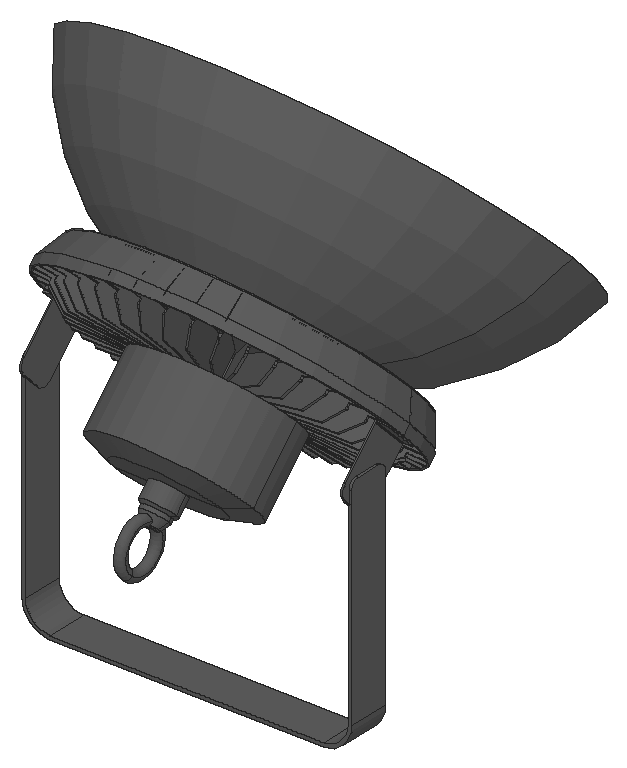
Revit family "0039348+0039354+0039357 Feilo Sylvania Lighting Fixture START HIGHBAY 4K 19KLM WIDE with BRACKET and ALU SHADE BLACK COLOR", category Lighting Fixtures, host Face, Revit 2017 (continued)
Definition of nested family "Start LED Highbay Head"
  Dimensions and locks
    "RHHeight3_FEILO": plane 31 to plane 33
    "RHHeight4_FEILO": plane 33 to plane 34
    "RHRadius3_FEILO": plane 3 "Center (Left/Right)" to plane 35
    "RHHeight1_FEILO": plane 28 to plane 30
    "EyeInner_FEILO": plane 34 to plane 36
    "EyeInner_FEILO": plane 36 to plane 37
    equal spacing: plane 38, plane 3 "Center (Left/Right)", plane 39
    "EyeThickness_FEILO": plane 38 to plane 39
    "EyeThickness_FEILO": plane 37 to plane 40
    equal spacing: plane 37, plane 41, plane 40
    equal spacing: plane 6, plane 42, plane 18
    "ThicknessBracket_FEILO": plane 45 to plane 6
    "ThicknessBracket_FEILO": plane 8 to plane 44
    locked: plane 43 to plane 18 at 1
    equal spacing: plane 24, plane 46, plane 26
    equal spacing: plane 47, plane 1 "Center (Front/Back)", plane 48
    "WidthBracket_FEILO": plane 47 to plane 48
    "WidthRingChamfer_FEILO": plane 50 to plane 49
    "ThicknessWall_FEILO": plane 51 to plane 49
    equal spacing: plane 50, plane 52, plane 51
    "ThicknessBracket_FEILO": plane 54 to plane 50
    locked: plane 53 to plane 51 at 1
    "Radius_FEILO": plane 49 to plane 3 "Center (Left/Right)"
    "ShadeRadiusOut_FEILO": plane 3 "Center (Left/Right)" to plane 55
    "ShadeHeight_FEILO": plane 56 to plane 4
    "ShadeRadiusIn_FEILO": plane 3 "Center (Left/Right)" to plane 57
    locked: plane 58 to plane 57 at 8
    "ShadeThickness_FEILO": plane 60 to plane 4
    "ShadeThickness_FEILO": plane 59 to plane 55
    "EyeThicknessHalf_FEILO": radius of curve 8
    "ThicknessBracket_FEILO": radius of Extrusion 7 sketch curve  (x2)
    "ThicknessBracketHalf_FEILO": radius of Extrusion 7 sketch curve  (x2)
    "ShadeRadiusBend_FEILO": radius of curve 9
    aligned and locked: plane 2 to Extrusion 1
    aligned and locked: level to Extrusion 1
    aligned and locked: plane 5 to curve 1
    aligned and locked: plane 6 to curve 1
    aligned and locked: plane 7 to curve 1
    aligned and locked: plane 10 to curve 2
    aligned and locked: plane 9 to curve 3
    aligned and locked: plane 4 to curve 3
    aligned and locked: plane 11 to curve 3
    aligned and locked: plane 4 to curve 4
    aligned and locked: plane 18 to curve 5
    aligned and locked: plane 10 to curve 5
    aligned and locked: Revolve 2 sketch curve to plane 3 "Center (Left/Right)"
    aligned and locked: Revolve 2 sketch curve to curve 3
    aligned and locked: Revolve 2 sketch curve to curve 1
    aligned and locked: plane 4 to Revolve 2 sketch curve
    aligned and locked: plane 9 to Revolve 2 sketch curve
    aligned and locked: Revolve 2 sketch curve to plane 13
    aligned and locked: Revolve 2 sketch curve to plane 10
    aligned and locked: plane 13 to Revolve 2 sketch curve
    aligned and locked: plane 10 to Revolve 2 sketch curve
    aligned and locked: Revolve 2 sketch curve to plane 18
    aligned and locked: Revolve 2 sketch curve to plane 8
    aligned and locked: plane 5 to Revolve 2 sketch curve  (x2)
    aligned and locked: Revolve 3 sketch curve to plane 3 "Center (Left/Right)"
    aligned and locked: plane 11 to Revolve 3 sketch curve
    aligned and locked: Revolve 3 sketch curve to curve 2
    aligned and locked: plane 15 to Revolve 3 sketch curve
    aligned and locked: Revolve 3 sketch curve to plane 16
    aligned and locked: plane 17 to Revolve 3 sketch curve  (x2)
    aligned and locked: Revolve 3 sketch curve to plane 12
    aligned and locked: plane 7 to Revolve 3 sketch curve
    aligned and locked: Revolve 4 sketch curve to plane 3 "Center (Left/Right)"
    aligned and locked: Revolve 4 sketch curve to plane 14
    aligned and locked: plane 3 "Center (Left/Right)" to Revolve 4 sketch curve
    aligned and locked: Revolve 4 sketch curve to plane 12
    aligned and locked: plane 15 to Revolve 4 sketch curve
    aligned and locked: Revolve 2 sketch curve to curve 5
    aligned and locked: plane 22 to curve 6
    aligned and locked: plane 21 to curve 6
    aligned and locked: plane 20 to curve 6
    aligned and locked: plane 19 to curve 6
    aligned and locked: plane 33 to curve 7
    aligned and locked: plane 32 to curve 7
    aligned and locked: plane 35 to curve 7
    aligned and locked: plane 34 to curve 7
    aligned and locked: Revolve 5 sketch curve to plane 3 "Center (Left/Right)"
    aligned and locked: Revolve 5 sketch curve to plane 25
    aligned and locked: plane 27 to Revolve 5 sketch curve
    aligned and locked: plane 28 to Revolve 5 sketch curve
    aligned and locked: plane 30 to Revolve 5 sketch curve
    aligned and locked: Revolve 5 sketch curve to plane 29
    aligned and locked: plane 31 to Revolve 5 sketch curve
    aligned and locked: Revolve 5 sketch curve to curve 7
    aligned and locked: Revolve 5 sketch curve to plane 32
    aligned and locked: plane 34 to Revolve 5 sketch curve
    aligned and locked: plane 3 "Center (Left/Right)" to Revolve 5 sketch curve
    aligned and locked: plane 3 "Center (Left/Right)" to curve 8
    aligned and locked: plane 41 to curve 8
    aligned and locked: Revolve 6 sketch curve to plane 36
    aligned and locked: Revolve 6 sketch curve to curve 8
    aligned and locked: plane 43 to Extrusion 7 sketch curve  (x2)
    aligned and locked: plane 8 to Extrusion 7 sketch curve  (x3)
    aligned and locked: Extrusion 7 sketch curve to plane 45
    aligned and locked: Extrusion 7 sketch curve to plane 46  (x2)
    aligned and locked: plane 6 to Extrusion 7 sketch curve
    aligned and locked: Extrusion 7 sketch curve to plane 44  (x2)
    aligned and locked: Extrusion 7 to plane 48
    aligned and locked: plane 47 to Extrusion 7
    aligned and locked: plane 53 to Extrusion 7 sketch curve
    aligned and locked: plane 50 to Extrusion 7 sketch curve
    aligned and locked: Extrusion 7 sketch curve to plane 54
    aligned and locked: Extrusion 8 sketch curve to Extrusion 8 sketch curve
    aligned and locked: Extrusion 8 to plane 6
    aligned and locked: Extrusion 8 to Extrusion 7
    aligned and locked: Revolve 5 sketch curve to plane 22
    aligned and locked: plane 23 to nested 1
    aligned and locked: plane 1 "Center (Front/Back)" to nested 1
    aligned and locked: Revolve 9 sketch curve to plane 3 "Center (Left/Right)"
    aligned and locked: Revolve 9 sketch curve to plane 4
    aligned and locked: plane 6 to Revolve 9 sketch curve
    aligned and locked: plane 4 to Revolve 9 sketch curve
    aligned and locked: plane 7 to Revolve 9 sketch curve
    aligned and locked: Revolve 9 sketch curve to plane 5
    aligned and locked: plane 8 to Revolve 9 sketch curve  (x2)
    aligned and locked: Revolve 9 sketch curve to plane 19
    aligned and locked: plane 20 to Revolve 9 sketch curve
    aligned and locked: plane 19 to Revolve 9 sketch curve
    aligned and locked: plane 21 to Revolve 9 sketch curve
    aligned and locked: plane 22 to Revolve 9 sketch curve  (x2)
    aligned and locked: Revolve 9 sketch curve to Revolve 9 sketch curve
    aligned and locked: imposter light to plane 4
    aligned and locked: plane 3 "Center (Left/Right)" to imposter light
    aligned and locked: imposter light to plane 1 "Center (Front/Back)"
    aligned and locked: plane 55 to curve 9
    aligned and locked: plane 56 to curve 9
    aligned and locked: plane 57 to curve 9
    aligned and locked: plane 4 to curve 9
    aligned and locked: Revolve 10 sketch curve to curve 9
    aligned and locked: plane 58 to Revolve 10 sketch curve
    aligned and locked: plane 57 to Revolve 10 sketch curve
    aligned and locked: plane 56 to Revolve 10 sketch curve  (x2)
    aligned and locked: Revolve 10 sketch curve to plane 58
    aligned and locked: plane 60 to Revolve 10 sketch curve
  Automatic sketch dimensions
    Extrusion 1 sketch curve to Extrusion 1 sketch curve = 2438.4 mm  (x2)
    Revolve 2 sketch curve to plane 6 = 0.299 mm
    plane 6 to Revolve 2 sketch curve = 0.459 mm
    Revolve 2 sketch curve to level = 609.6 mm
    Revolve 2 sketch curve to Revolve 2 sketch curve = 2312.223 mm
    Revolve 3 sketch curve to plane 12 = 0 mm
    Revolve 3 sketch curve to plane 3 "Center (Left/Right)" = 0 mm
    Revolve 3 sketch curve to level = 609.6 mm
    Revolve 3 sketch curve to plane 4 = 2339.058 mm
    Revolve 4 sketch curve to level = 609.6 mm
    Revolve 4 sketch curve to plane 4 = 2339.058 mm
    Revolve 6 sketch curve to plane 5 = 1080 mm
    plane 38 to Revolve 6 sketch curve = 1219.2 mm
    Extrusion 8 sketch curve to plane 47 = 0 mm
    plane 46 to Extrusion 8 sketch curve = 0 mm  (x2)
    Extrusion 8 sketch curve to plane 48 = 0 mm
    plane 47 to Extrusion 8 sketch curve = 5 mm
    plane 1 "Center (Front/Back)" to Extrusion 8 sketch curve = 10 mm
    Extrusion 8 sketch curve to Extrusion 8 sketch curve = 10 mm
    plane 46 to Extrusion 8 sketch curve = 5 mm
    Extrusion 8 sketch curve to Extrusion 8 sketch curve = 5 mm
    Extrusion 8 sketch curve to plane 48 = 5 mm
    Revolve 5 sketch curve to plane 26 = 0 mm
    Revolve 5 sketch curve to plane 35 = 0.437 mm
    plane 35 to Revolve 5 sketch curve = 0.847 mm
    Revolve 5 sketch curve to plane 34 = 0.726 mm
    plane 40 to Revolve 5 sketch curve = 590.2 mm
    Revolve 5 sketch curve to plane 4 = 2339.058 mm
    Revolve 9 sketch curve to level = 609.6 mm
    Revolve 9 sketch curve to Revolve 9 sketch curve = 2386.058 mm
    curve 2 to plane 3 "Center (Left/Right)" = 0 mm
    Revolve 10 sketch curve to Revolve 10 sketch curve = 0 mm  (x2)
    Revolve 10 sketch curve to plane 3 "Center (Left/Right)" = 0 mm
    plane 57 to Revolve 10 sketch curve = 0.659 mm
    Revolve 10 sketch curve to level = 609.6 mm
    Revolve 10 sketch curve to Revolve 10 sketch curve = 2068.248 mm
  Nested families
    nested 1: "Start Highbay Rib" at (0, 0, 67.775), type "Type Name", detail levels medium+fine
      with SuspensionHeight_FEILO 2.6 mm
    nested 2: "Start Highbay Rib" at (0, 0, 67.775) x (0.9877, 0.1564, 0) z (0, 0, 1), type "Type Name", detail levels medium+fine
      with SuspensionHeight_FEILO 2.6 mm
    nested 3: "Start Highbay Rib" at (0, 0, 67.775) x (0.9511, 0.309, 0) z (0, 0, 1), type "Type Name", detail levels medium+fine
      with SuspensionHeight_FEILO 2.6 mm
    nested 4: "Start Highbay Rib" at (0, 0, 67.775) x (0.891, 0.454, 0) z (0, 0, 1), type "Type Name", detail levels medium+fine
      with SuspensionHeight_FEILO 2.6 mm
    nested 5: "Start Highbay Rib" at (0, 0, 67.775) x (0.809, 0.5878, 0) z (0, 0, 1), type "Type Name", detail levels medium+fine
      with SuspensionHeight_FEILO 2.6 mm
    nested 6: "Start Highbay Rib" at (0, 0, 67.775) x (0.7071, 0.7071, 0) z (0, 0, 1), type "Type Name", detail levels medium+fine
      with SuspensionHeight_FEILO 2.6 mm
    nested 7: "Start Highbay Rib" at (0, 0, 67.775) x (0.5878, 0.809, 0) z (0, 0, 1), type "Type Name", detail levels medium+fine
      with SuspensionHeight_FEILO 2.6 mm
    nested 8: "Start Highbay Rib" at (0, 0, 67.775) x (0.454, 0.891, 0) z (0, 0, 1), type "Type Name", detail levels medium+fine
      with SuspensionHeight_FEILO 2.6 mm
    nested 9: "Start Highbay Rib" at (0, 0, 67.775) x (0.309, 0.9511, 0) z (0, 0, 1), type "Type Name", detail levels medium+fine
      with SuspensionHeight_FEILO 2.6 mm
    nested 10: "Start Highbay Rib" at (0, 0, 67.775) x (0.1564, 0.9877, 0) z (0, 0, 1), type "Type Name", detail levels medium+fine
      with SuspensionHeight_FEILO 2.6 mm
    nested 11: "Start Highbay Rib" at (0, 0, 67.775) x (0, 1, 0) z (0, 0, 1), type "Type Name", detail levels medium+fine
      with SuspensionHeight_FEILO 2.6 mm
    nested 12: "Start Highbay Rib" at (0, 0, 67.775) x (-0.1564, 0.9877, 0) z (0, 0, 1), type "Type Name", detail levels medium+fine
      with SuspensionHeight_FEILO 2.6 mm
    nested 13: "Start Highbay Rib" at (0, 0, 67.775) x (-0.309, 0.9511, 0) z (0, 0, 1), type "Type Name", detail levels medium+fine
      with SuspensionHeight_FEILO 2.6 mm
    nested 14: "Start Highbay Rib" at (0, 0, 67.775) x (-0.454, 0.891, 0) z (0, 0, 1), type "Type Name", detail levels medium+fine
      with SuspensionHeight_FEILO 2.6 mm
    nested 15: "Start Highbay Rib" at (0, 0, 67.775) x (-0.5878, 0.809, 0) z (0, 0, 1), type "Type Name", detail levels medium+fine
      with SuspensionHeight_FEILO 2.6 mm
    nested 16: "Start Highbay Rib" at (0, 0, 67.775) x (-0.7071, 0.7071, 0) z (0, 0, 1), type "Type Name", detail levels medium+fine
      with SuspensionHeight_FEILO 2.6 mm
    nested 17: "Start Highbay Rib" at (0, 0, 67.775) x (-0.809, 0.5878, 0) z (0, 0, 1), type "Type Name", detail levels medium+fine
      with SuspensionHeight_FEILO 2.6 mm
    nested 18: "Start Highbay Rib" at (0, 0, 67.775) x (-0.891, 0.454, 0) z (0, 0, 1), type "Type Name", detail levels medium+fine
      with SuspensionHeight_FEILO 2.6 mm
    nested 19: "Start Highbay Rib" at (0, 0, 67.775) x (-0.9511, 0.309, 0) z (0, 0, 1), type "Type Name", detail levels medium+fine
      with SuspensionHeight_FEILO 2.6 mm
    nested 20: "Start Highbay Rib" at (0, 0, 67.775) x (-0.9877, 0.1564, 0) z (0, 0, 1), type "Type Name", detail levels medium+fine
      with SuspensionHeight_FEILO 2.6 mm
    nested 21: "Start Highbay Rib" at (0, 0, 67.775) x (-1, 0, 0) z (0, 0, 1), type "Type Name", detail levels medium+fine
      with SuspensionHeight_FEILO 2.6 mm
    nested 22: "Start Highbay Rib" at (0, 0, 67.775) x (-0.9877, -0.1564, 0) z (0, 0, 1), type "Type Name", detail levels medium+fine
      with SuspensionHeight_FEILO 2.6 mm
    nested 23: "Start Highbay Rib" at (0, 0, 67.775) x (-0.9511, -0.309, 0) z (0, 0, 1), type "Type Name", detail levels medium+fine
      with SuspensionHeight_FEILO 2.6 mm
    nested 24: "Start Highbay Rib" at (0, 0, 67.775) x (-0.891, -0.454, 0) z (0, 0, 1), type "Type Name", detail levels medium+fine
      with SuspensionHeight_FEILO 2.6 mm
    nested 25: "Start Highbay Rib" at (0, 0, 67.775) x (-0.809, -0.5878, 0) z (0, 0, 1), type "Type Name", detail levels medium+fine
      with SuspensionHeight_FEILO 2.6 mm
    nested 26: "Start Highbay Rib" at (0, 0, 67.775) x (-0.7071, -0.7071, 0) z (0, 0, 1), type "Type Name", detail levels medium+fine
      with SuspensionHeight_FEILO 2.6 mm
    nested 27: "Start Highbay Rib" at (0, 0, 67.775) x (-0.5878, -0.809, 0) z (0, 0, 1), type "Type Name", detail levels medium+fine
      with SuspensionHeight_FEILO 2.6 mm
    nested 28: "Start Highbay Rib" at (0, 0, 67.775) x (-0.454, -0.891, 0) z (0, 0, 1), type "Type Name", detail levels medium+fine
      with SuspensionHeight_FEILO 2.6 mm
    nested 29: "Start Highbay Rib" at (0, 0, 67.775) x (-0.309, -0.9511, 0) z (0, 0, 1), type "Type Name", detail levels medium+fine
      with SuspensionHeight_FEILO 2.6 mm
    nested 30: "Start Highbay Rib" at (0, 0, 67.775) x (-0.1564, -0.9877, 0) z (0, 0, 1), type "Type Name", detail levels medium+fine
      with SuspensionHeight_FEILO 2.6 mm
    nested 31: "Start Highbay Rib" at (0, 0, 67.775) x (0, -1, 0) z (0, 0, 1), type "Type Name", detail levels medium+fine
      with SuspensionHeight_FEILO 2.6 mm
    nested 32: "Start Highbay Rib" at (0, 0, 67.775) x (0.1564, -0.9877, 0) z (0, 0, 1), type "Type Name", detail levels medium+fine
      with SuspensionHeight_FEILO 2.6 mm
    nested 33: "Start Highbay Rib" at (0, 0, 67.775) x (0.309, -0.9511, 0) z (0, 0, 1), type "Type Name", detail levels medium+fine
      with SuspensionHeight_FEILO 2.6 mm
    nested 34: "Start Highbay Rib" at (0, 0, 67.775) x (0.454, -0.891, 0) z (0, 0, 1), type "Type Name", detail levels medium+fine
      with SuspensionHeight_FEILO 2.6 mm
    nested 35: "Start Highbay Rib" at (0, 0, 67.775) x (0.5878, -0.809, 0) z (0, 0, 1), type "Type Name", detail levels medium+fine
      with SuspensionHeight_FEILO 2.6 mm
    nested 36: "Start Highbay Rib" at (0, 0, 67.775) x (0.7071, -0.7071, 0) z (0, 0, 1), type "Type Name", detail levels medium+fine
      with SuspensionHeight_FEILO 2.6 mm
    nested 37: "Start Highbay Rib" at (0, 0, 67.775) x (0.809, -0.5878, 0) z (0, 0, 1), type "Type Name", detail levels medium+fine
      with SuspensionHeight_FEILO 2.6 mm
    nested 38: "Start Highbay Rib" at (0, 0, 67.775) x (0.891, -0.454, 0) z (0, 0, 1), type "Type Name", detail levels medium+fine
      with SuspensionHeight_FEILO 2.6 mm
    nested 39: "Start Highbay Rib" at (0, 0, 67.775) x (0.9511, -0.309, 0) z (0, 0, 1), type "Type Name", detail levels medium+fine
      with SuspensionHeight_FEILO 2.6 mm
    nested 40: "Start Highbay Rib" at (0, 0, 67.775) x (0.9877, -0.1564, 0) z (0, 0, 1), type "Type Name", detail levels medium+fine
      with SuspensionHeight_FEILO 2.6 mm
  Definition of nested family "Start Highbay Rib"
    Parameters (values of type "Type Name")
      WidthStraight_FEILO = if(SizeS_FEILO, 3 mm, if(SizeM_FEILO, 4 mm, 4.7 mm))  # 3 mm
      WidthRingChamfer_FEILO = if(SizeS_FEILO, 10.3 mm, if(SizeM_FEILO, 11.2 mm, 12.9 mm))  # 10.3 mm
      WidthCurved_FEILO = if(SizeS_FEILO, 17.4 mm, if(SizeM_FEILO, 16.4 mm, 26.2 mm))  # 17.4 mm
      WidthCurvedRing_FEILO = if(SizeS_FEILO, 3 mm, if(SizeM_FEILO, 4 mm, 4.7 mm))  # 3 mm
      WidthBracket_FEILO = 40 mm
      URL = "http://www.feilosylvania.com"
      Type Image = (empty or 0)
      Type Comments = "n/a"
      ThicknessWall_FEILO = 1.5 mm
      ThicknessBracket_FEILO = 1.5 mm
      ThicknessBracketHalf_FEILO = ThicknessBracket_FEILO / 2  # 0.75 mm
      SuspensionHeight_FEILO [instance] = 2.6 mm
      SizeS_FEILO = yes
      SizeM_FEILO = no
      Rib4_FEILO = if(SizeS_FEILO, 18.1 mm, if(SizeM_FEILO, 13.6 mm, 14.6 mm))  # 18.1 mm
      Rib3_FEILO = if(SizeS_FEILO, 15.3 mm, if(SizeM_FEILO, 17.6 mm, 20.2 mm))  # 15.3 mm
      Rib2_FEILO = if(SizeS_FEILO, 3.6 mm, if(SizeM_FEILO, 3.9 mm, 4.5 mm))  # 3.6 mm
      Rib1_FEILO = if(SizeS_FEILO, 15.1 mm, if(SizeM_FEILO, 16.5 mm, 19 mm))  # 15.1 mm
      RadiusRib_FEILO = 2 mm
      RadiusDiffuser_FEILO = if(SizeS_FEILO, 95.2 mm, if(SizeM_FEILO, 105.3 mm, 120 mm))  # 95.2 mm
      RHRadius3_FEILO = if(SizeS_FEILO, 6.6 mm, if(SizeM_FEILO, 7.4 mm, 8.6 mm))  # 6.6 mm
      RHRadius2_FEILO = if(SizeS_FEILO, 11 mm, if(SizeM_FEILO, 12 mm, 14 mm))  # 11 mm
      RHRadius1_FEILO = if(SizeS_FEILO, 13.6 mm, if(SizeM_FEILO, 14.9 mm, 17.7 mm))  # 13.6 mm
      RHHeight4_FEILO = if(SizeS_FEILO, 7.3 mm, if(SizeM_FEILO, 8 mm, 9.2 mm))  # 7.3 mm
      RHHeight3_FEILO = if(SizeS_FEILO, 3.6 mm, if(SizeM_FEILO, 3.7 mm, 4.6 mm))  # 3.6 mm
      RHHeight2_FEILO = if(SizeS_FEILO, 2 mm, if(SizeM_FEILO, 2.2 mm, 2.6 mm))  # 2 mm
      RHHeight1_FEILO = if(SizeS_FEILO, 11.8 mm, if(SizeM_FEILO, 15.3 mm, 17.4 mm))  # 11.8 mm
      Material_3_FEILO = none
      Model = ""
      Manufacturer = "Feilo Sylvania"
      Keynote = "16500"
      HeightRing_FEILO = if(SizeS_FEILO, 19.8 mm, if(SizeM_FEILO, 32 mm, 36.8 mm))  # 19.8 mm
      HeightRingChamfer_FEILO = if(SizeS_FEILO, 11.7 mm, if(SizeM_FEILO, 23.2 mm, 26.6 mm))  # 11.7 mm
      EyeThickness_FEILO = if(SizeS_FEILO, 8.4 mm, if(SizeM_FEILO, 9.2 mm, 10.5 mm))  # 8.4 mm
      EyeThicknessHalf_FEILO = EyeThickness_FEILO / 2  # 4.2 mm
      EyeInner_FEILO = if(SizeS_FEILO, 13.8 mm, if(SizeM_FEILO, 15.1 mm, 17.3 mm))  # 13.8 mm
      DriverVerticalStraight_FEILO = if(SizeS_FEILO, 46.5 mm, if(SizeM_FEILO, 49.7 mm, 57 mm))  # 46.5 mm
      DriverVerticalChamfer_FEILO = if(SizeS_FEILO, 7.5 mm, if(SizeM_FEILO, 8.2 mm, 9.5 mm))  # 7.5 mm
      DriverRadius_FEILO = if(SizeS_FEILO, 61.4 mm, if(SizeM_FEILO, 67.2 mm, 76.4 mm))  # 61.4 mm
      DriverRadiusTop_FEILO = if(SizeS_FEILO, 42 mm, if(SizeM_FEILO, 45.3 mm, 52.4 mm))  # 42 mm
      DriverBottom_FEILO = if(SizeS_FEILO, 56 mm, if(SizeM_FEILO, 64.5 mm, 74 mm))  # 56 mm
      Material_2_FEILO = none
      Radius_FEILO = if(SizeS_FEILO, 135 mm, if(SizeM_FEILO, 148 mm, 169.5 mm))  # 135 mm
      Description = ""
      Default Elevation = 1219.2 mm
      Cost = 0
      Material_1_FEILO = none
      Assembly Code = "D5020200"
      Material_4_FEILO = none
    Reference planes
      plane 1 "Center (Front/Back)": y = 0
      plane 2: z = 0
      plane 3 "Center (Left/Right)": x = 0
      plane 4: z = 2.6
      plane 5: x = -135
      plane 6: x = -124.7
      plane 7: z = -9.1
      plane 8: z = -17.2
      plane 9: x = -121.7
      plane 10: z = -0.025
      plane 11: x = -104.3
      plane 12: x = -95.2
      plane 13: x = -118.7
      plane 14: z = 0.975
      plane 15: z = -1.025
      plane 16: x = -92.2
      plane 17: z = -2.025
      plane 18: x = -133.5
      plane 19: x = -119.9
      plane 20: z = -20.8
      plane 21: x = -104.6
      plane 22: z = -38.9
      plane 23: x = -20
      plane 24: z = -53.4
      plane 25: x = -61.4
      plane 26: z = -99.9
      plane 27: x = -42
      plane 28: z = -107.4
      plane 29: x = -13.6
      plane 30: z = -119.2
      plane 31: z = -121.2
      plane 32: x = -11
      plane 33: z = -124.8
      plane 34: z = -132.1
      plane 35: x = -6.6
      plane 36: z = -145.9
      plane 37: z = -159.7
      plane 38: x = 4.2
      plane 39: x = -4.2
      plane 40: z = -168.1
      plane 41: z = -163.9
      plane 42: x = -129.1
      plane 43: x = -132.5
      plane 44: z = -18.7
      plane 45: x = -123.2
      plane 46: z = -76.65
      plane 47: y = -20
      plane 48: y = 20
      plane 49: x = 135
      plane 50: x = 124.7
      plane 51: x = 133.5
      plane 52: x = 129.1
      plane 53: x = 132.5
      plane 54: x = 123.2
      plane 55: y = 0.75
      plane 56: y = -0.75
    Forms (mm)
      Extrusion 1, solid
        sketch origin (4.2, 0, 0) x (1, 0, 0) y (0, 1, 0)
          loop
            line (-1219.2, 1219.2) -> (-1219.2, -1219.2) -> (1219.2, -1219.2) -> (1219.2, 1219.2) -> (-1219.2, 1219.2)
        from 0 to -68.017
      Extrusion 2, solid, material <- "Material_1_FEILO"
        sketch origin (0, 0, 0) x (1, 0, 0) y (0, 0, 1)
          loop
            arc (-104.3, -0.025) -> (-111.555, 0.423) -> (-118.7, 1.76) r 58.981
            line (-118.7, 1.76) -> (-118.7, -0.025) -> (-125.012, -0.025) -> (-133.5, -9.666) -> (-133.5, -17.2) -> (-119.9, -17.2) -> (-119.9, -20.068)
            arc (-119.9, -20.068) -> (-119.778, -20.755) -> (-119.427, -21.359) r 2
            line (-119.427, -21.359) -> (-104.966, -38.467)
            arc (-104.966, -38.467) -> (-104.381, -38.789) -> (-103.723, -38.9) r 2
            line (-103.723, -38.9) -> (-20, -38.9) -> (-20, -9.1) -> (-95.2, -9.1) -> (-95.2, -2.025) -> (-104.3, -2.025) -> (-104.3, -0.025)
        from -0.75 to 0.75
    Lines and regions (mm)
      reference lines
        curve 1: line (-135, 0, -9.1) -> (-124.7, 0, 2.6)
        curve 2: line (-104.3, 0, -0.025) -> (0, 0, -0.025)
        curve 3: arc (-104.3, 0, -0.025) -> (-113.098, 0, 0.635) -> (-121.7, 0, 2.6) r 58.981
        curve 4: line (-124.7, 0, 2.6) -> (-121.7, 0, 2.6)
        curve 5: line (-125.012, 0, -0.025) -> (-133.5, 0, -9.666)
        curve 6: line (-119.9, 0, -20.8) -> (-104.6, 0, -38.9)
    Dimensions and locks
      "Radius_FEILO": plane 3 "Center (Left/Right)" to plane 5
      "WidthRingChamfer_FEILO": plane 6 to plane 5
      "WidthStraight_FEILO": plane 9 to plane 6
      "WidthCurvedRing_FEILO": plane 13 to plane 9
      locked: plane 10 to plane 15 at 1
      locked: plane 14 to plane 10 at 1
      locked: plane 4 to plane 10 at 2.625
      locked: plane 15 to plane 17 at 1
      "ThicknessWall_FEILO": plane 18 to plane 5
      "ThicknessWall_FEILO": curve 5 to curve 1
      "HeightRingChamfer_FEILO": plane 4 to plane 7
      "HeightRing_FEILO": plane 4 to plane 8
      "RadiusDiffuser_FEILO": plane 3 "Center (Left/Right)" to plane 12
      locked: plane 16 to plane 12 at 3
      "WidthCurved_FEILO": plane 11 to plane 9
      "SuspensionHeight_FEILO": plane 4 to plane 2
      "Rib1_FEILO": plane 19 to plane 5
      "Rib2_FEILO": plane 8 to plane 20
      "Rib3_FEILO": plane 21 to plane 19
      "Rib4_FEILO": plane 20 to plane 22
      locked: plane 3 "Center (Left/Right)" to plane 23 at 20
      "DriverBottom_FEILO": plane 4 to plane 24
      "DriverRadius_FEILO": plane 3 "Center (Left/Right)" to plane 25
      "DriverVerticalStraight_FEILO": plane 24 to plane 26
      "DriverRadiusTop_FEILO": plane 3 "Center (Left/Right)" to plane 27
      "DriverVerticalChamfer_FEILO": plane 26 to plane 28
      "RHRadius1_FEILO": plane 3 "Center (Left/Right)" to plane 29
      "RHHeight2_FEILO": plane 30 to plane 31
      "RHRadius2_FEILO": plane 3 "Center (Left/Right)" to plane 32
      "RHHeight3_FEILO": plane 31 to plane 33
      "RHHeight4_FEILO": plane 33 to plane 34
      "RHRadius3_FEILO": plane 3 "Center (Left/Right)" to plane 35
      "RHHeight1_FEILO": plane 28 to plane 30
      "EyeInner_FEILO": plane 34 to plane 36
      "EyeInner_FEILO": plane 36 to plane 37
      equal spacing: plane 38, plane 3 "Center (Left/Right)", plane 39
      "EyeThickness_FEILO": plane 38 to plane 39
      "EyeThickness_FEILO": plane 37 to plane 40
      equal spacing: plane 37, plane 41, plane 40
      equal spacing: plane 6, plane 42, plane 18
      "ThicknessBracket_FEILO": plane 45 to plane 6
      "ThicknessBracket_FEILO": plane 8 to plane 44
      locked: plane 43 to plane 18 at 1
      equal spacing: plane 24, plane 46, plane 26
      equal spacing: plane 47, plane 1 "Center (Front/Back)", plane 48
      "WidthBracket_FEILO": plane 47 to plane 48
      "WidthRingChamfer_FEILO": plane 50 to plane 49
      "ThicknessWall_FEILO": plane 51 to plane 49
      equal spacing: plane 50, plane 52, plane 51
      "ThicknessBracket_FEILO": plane 54 to plane 50
      locked: plane 53 to plane 51 at 1
      "Radius_FEILO": plane 49 to plane 3 "Center (Left/Right)"
      equal spacing: plane 56, plane 1 "Center (Front/Back)", plane 55
      "ThicknessWall_FEILO": plane 56 to plane 55
      "RadiusRib_FEILO": radius of Extrusion 2 sketch curve  (x2)
      aligned and locked: plane 2 to Extrusion 1
      aligned and locked: level to Extrusion 1
      aligned and locked: plane 5 to curve 1
      aligned and locked: plane 6 to curve 1
      aligned and locked: plane 7 to curve 1
      aligned and locked: plane 10 to curve 2
      aligned and locked: plane 9 to curve 3
      aligned and locked: plane 4 to curve 3
      aligned and locked: plane 11 to curve 3
      aligned and locked: plane 4 to curve 4
      aligned and locked: plane 18 to curve 5
      aligned and locked: plane 10 to curve 5
      aligned and locked: plane 22 to curve 6
      aligned and locked: plane 21 to curve 6
      aligned and locked: plane 20 to curve 6
      aligned and locked: plane 19 to curve 6
      aligned and locked: Extrusion 2 sketch curve to plane 23
      aligned and locked: Extrusion 2 sketch curve to plane 22
      aligned and locked: Extrusion 2 sketch curve to curve 6
      aligned and locked: plane 19 to Extrusion 2 sketch curve
      aligned and locked: Extrusion 2 sketch curve to plane 8
      aligned and locked: Extrusion 2 sketch curve to curve 5
      aligned and locked: Extrusion 2 sketch curve to curve 3
      aligned and locked: Extrusion 2 to plane 55
      aligned and locked: plane 56 to Extrusion 2
      aligned and locked: curve 6 to Extrusion 2 sketch curve
    Automatic sketch dimensions
      Extrusion 1 sketch curve to Extrusion 1 sketch curve = 2438.4 mm  (x2)
      curve 2 to plane 3 "Center (Left/Right)" = 0 mm
      Extrusion 2 sketch curve to plane 18 = 0 mm
      Extrusion 2 sketch curve to plane 10 = 0 mm
      Extrusion 2 sketch curve to plane 13 = 0 mm
      Extrusion 2 sketch curve to plane 7 = 0 mm
      Extrusion 2 sketch curve to plane 12 = 0 mm
      Extrusion 2 sketch curve to plane 17 = 0 mm
      plane 19 to Extrusion 2 sketch curve = 0.473 mm
      Extrusion 2 sketch curve to plane 21 = 0.366 mm
